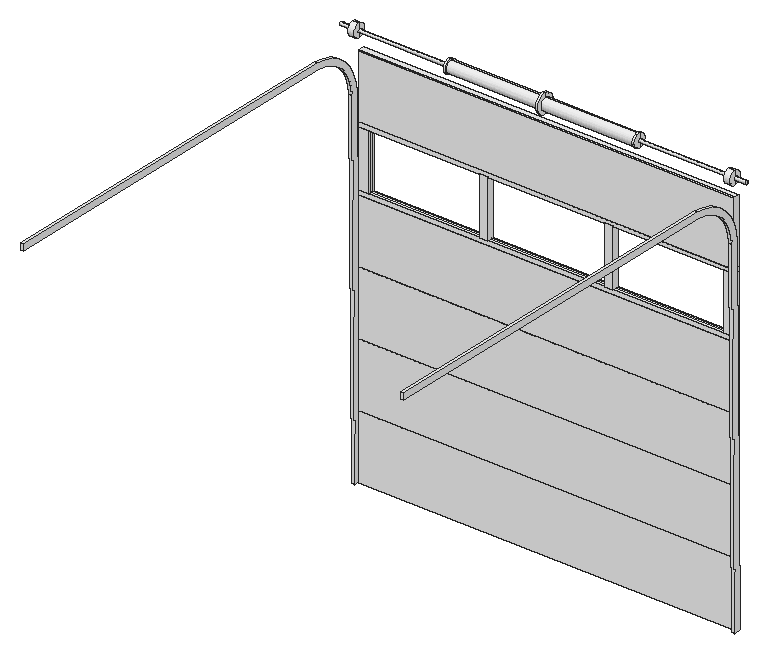
Revit family "Door-Sectional_DesignersChoice_Amarr", category Doors, host Wall, Revit 2026
Family settings
  Host = Wall
  Classification Number = 23.30.10.17.37.14
  Always vertical = Yes
  Cut with Voids When Loaded = No
  Shared = No
  Room Calculation Point = No
Parameters (values of type "ByType")
  Type Comments = "***Use image file as decal to display appropriate appearance"
  Track Type [instance] = Track-Horizontal : ByType
  Track Width = 10' - 3 9/16"
  Section Heights XX = 2' - 0"  # constant formula
  Number of Sections = (Height + 0' 9") / Section Heights - 2  # 4
  Has Operator = yes
  Panel Width = 10' - 2"
  Section Heights = if([24" Section Heights], Section Heights XX, 1' 9")  # 1' - 9"
  Function = Interior
  Door Track Material = Finishes - Exterior - White
  Door Open = yes
  Door Gap From Wall Interior = 0' - 0.35"
  URL = "https://www.amarr.com/"
  Thickness = 0' - 2"
  Specification = "https://www.arcat.com/company/amarr-garage-doors-30357/spec"
  Operator Material = Finishes - Exterior - White
  Rough Width = 0' - 0"  # constant formula
  Rough Height = 0' - 0"  # constant formula
  Product Data = "http://www.arcat.com/arcatcos/cos30/arc30357.html"
  Green Building-LEED = "https://www.arcat.com/company/amarr-garage-doors-30357/leed"
  Model = "As Specified in 08 36 00"
  Manufacturer = "Amarr Garage Doors"  # constant formula
  Keynote = "08 36 00"
  Height = 10' - 0"
  Wall Closure = By host
  Width = 10' - 0"
  Fire Rating = "As Specified in 08 36 00"
  Door Cladding Material = Finishes - Exterior - White
  Description = "Door Sectional Designers Choice"
  Cost = 0
  Copyright = "© 2021 ARCAT, Inc."  # constant formula
  Construction Details = "https://www.arcat.com/company/amarr-garage-doors-30357/cad"
  Assembly Code = "B2030410"
  24" Section Heights = not([21" Section Heights])  # no
  21" Section Heights = yes
Reference planes (in)
  plane 1 "Center (Front/Back)": y = -33.7392
  plane 2 "Center (Left/Right)": x = 66
  plane 3: z = 0
  plane 4 "Top": z = 120
  plane 5 "Door Face": y = -36.0892
  plane 6 "Right": x = 126
  plane 7 "Left": x = 6
  plane 8 "Operator from Level": z = 132.5
  plane 9 "Operator Centerline": y = -39.11263
  plane 10: x = 129
  plane 11: x = 3
  plane 12 "Closure": y = -35.7392
  plane 13: z = 0
  plane 14: y = -36.0892
  plane 15: y = -36.0892
  plane 16 "123": z = 84
  plane 17: z = 96
  plane 18: z = 105
  plane 19: y = -174.0892
  plane 20: y = -54.0892
Lines and regions (in)
  Opening 1
    outline origin (-109.33485, -35.7392, 0) x (1, 0, 0) y (0, 0, 1)
      loop
        line (115.33485, 0) -> (235.33485, 0) -> (235.33485, 120) -> (115.33485, 120) -> (115.33485, 0)
  Masking region 1
    outline origin (177.78657, 12, 84) x (1, 0, 0) y (0, 1, 0)
      loop
        line (-48.78657, -48.0892) -> (-174.78657, -48.0892) -> (-174.78657, -50.0892) -> (-48.78657, -50.0892) -> (-48.78657, -48.0892)
  symbolic lines, style "DoorsHiddenLines"
    curve 1: line (3, -174.0892, 84) -> (3, -36.0892, 84)
    curve 2: line (129, -174.0892, 84) -> (129, -36.0892, 84)
    curve 3: line (129, -174.0892, 84) -> (3, -174.0892, 84)
    curve 4: line (129, -36.0892, 84) -> (3, -36.0892, 84)
Text (in)
  text "Exterior" at (50.54558, 27.31104, 0), in view "A101 - Plan View"
  text "Interior" at (50.54558, -25.14366, 0), in view "A101 - Plan View"
  text "Exterior" at (0, 40.15149, 123.01588), in view "Right"
  text "Interior" at (0, -64.39139, 123.01588), in view "Right"
  text "Interior" at (0, -70.84617, 120.17156), in view "Left"
  text "Exterior" at (0, 4.88546, 120.17156), in view "Left"
Dimensions and locks (in)
  "Height": plane 4 "Top" to level
  "Door Gap From Wall Interior": plane 5 "Door Face" to host wall
  equal spacing: plane 6 "Right", plane 2 "Center (Left/Right)", plane 7 "Left"
  "Width": plane 7 "Left" to plane 6 "Right"
  locked: plane 8 "Operator from Level" to plane 4 "Top" at 12.5
  locked: plane 5 "Door Face" to plane 9 "Operator Centerline" at 3.02344
  locked: plane 11 to plane 7 "Left" at 3
  locked: plane 6 "Right" to plane 10 at 3
  locked: level to plane 16 "123" at 84
  locked: level to plane 17 at 96
  plane 16 "123" to plane 4 "Top" = 3' - 0"
  "Section Heights": plane 18 to plane 16 "123"
  equal spacing: group 1, group 2, group 3, group 4  (x3)
  "Section Heights": nested 6 to level
  locked: plane 9 "Operator Centerline" to plane 20 at 14.97656
  "Height": plane 20 to plane 19
  "Thickness": Masking region 1 sketch curve to plane 15
  aligned and locked: Opening 1 sketch curve to level
  aligned and locked: plane 4 "Top" to Opening 1 sketch curve
  aligned and locked: Opening 1 sketch curve to plane 6 "Right"
  aligned and locked: host wall to plane 1 "Center (Front/Back)"
  aligned and locked: host wall to plane 12 "Closure"
  aligned and locked: plane 2 "Center (Left/Right)" to nested 1
  aligned and locked: plane 5 "Door Face" to plane 14
  aligned and locked: plane 5 "Door Face" to nested 2
  aligned and locked: plane 5 "Door Face" to plane 15
  aligned and locked: plane 5 "Door Face" to nested 1
  aligned and locked: plane 2 "Center (Left/Right)" to nested 3
  aligned and locked: nested 3 to plane 9 "Operator Centerline"
  aligned and locked: plane 2 "Center (Left/Right)" to nested 2  (x2)
  aligned and locked: plane 2 "Center (Left/Right)" to nested 4
  aligned and locked: plane 5 "Door Face" to nested 5
  aligned and locked: plane 18 to nested 4
  aligned and locked: plane 5 "Door Face" to nested 6
  aligned and locked: plane 5 "Door Face" to nested 4
  aligned and locked: curve 1 to plane 11
  aligned and locked: curve 2 to plane 10
  aligned and locked: curve 3 to plane 19
  aligned and locked: curve 4 to plane 15
  aligned and locked: Masking region 1 sketch curve to plane 15
  aligned and locked: Masking region 1 sketch curve to plane 11
  aligned and locked: Masking region 1 sketch curve to plane 10
Automatic sketch dimensions
  Opening 1 sketch curve to plane 7 "Left" = 0' - 0"
Nested families (in)
  nested 1: "Common Section (Non-Graphic)" at (54, -36.0892, 0), visible <- "Door Open", type "Edinburgh"
    with Width 10' - 2"
  nested 2: "Track-Horizontal" at (54, -36.0892, 0), type <- "Track Type", type "ByType"
    with Right Track Offset from Center 5' - 1 25/32", Left Track Offset from Center -5' - 1 25/32", Tracks Center to Center Width 10' - 3 9/16"
  nested 3: "Torsion Assy" at (71.68308, -39.11263, 132.5), visible <- "Has Operator", Width <- "Width", type "10,000 Cycles"
    with Width 10' - 0", Reel to Reel Width 10' - 2"
  nested 4: "Common Section (Non-Graphic)" at (54, -36.0892, 105), visible <- "Door Open", type "Edinburgh"
    with Width 10' - 2"
  nested 5: "Top Section - Glazed (Non-Graphic)" at (54, -36.0892, 84), visible <- "Door Open", type "Arabesque Window Style (Non Graphic)"
    with Width 10' - 2", Middle Stile Viz no, 3 Vertical Sections Viz yes
  nested 6: "Common Section (Non-Graphic)" at (54, -36.0892, 21), visible <- "Door Open", type "Edinburgh"
    with Width 10' - 2"
  nested 7: "Common Section (Non-Graphic)" at (54, -36.0892, 42), visible <- "Door Open", type "Edinburgh"
    with Width 10' - 2"
  nested 8: "Common Section (Non-Graphic)" at (54, -36.0892, 63), visible <- "Door Open", type "Edinburgh"
    with Width 10' - 2"
Definition of nested family "Common Section (Non-Graphic)"
  Parameters (values of type "Panel as Specified in 08 63 00")
    Width = 9' - 2"
    Material = none
    Height = 1' - 9"
    Default Elevation = 4' - 0"
    Assembly Code = ""
    Thickness = 0' - 2"
    Analytic Construction = "<None>"
  Types (8): name
    Edinburgh
    Bordeaux
    Northhampton
    Valencia
    Santiago
    Tuscany
    Lucerne
    Panel as Specified in 08 63 00
  Reference planes (in)
    plane 1 "Front": y = 0
    plane 2: z = 0
    plane 3 "Center (Left/Right)": x = 12
    plane 4: x = 67
    plane 5: z = 21
    plane 6: x = -43
    plane 7 "Back": y = -2
  Forms (in)
    Extrusion 1, solid, material <- "Material"
      sketch origin (12, 0, 0) x (0, 1, 0) y (0, 0, 1)
        loop
          line (-2, 0) -> (0, 0) -> (0, 20.9375) -> (-0.0625, 21) -> (-1.9375, 21) -> (-2, 20.9375) -> (-2, 0)
      from -55 to 55
  Dimensions and locks (in)
    "Height": plane 5 to level
    equal spacing: plane 6, plane 3 "Center (Left/Right)", plane 4
    "Width": plane 6 to plane 4
    "Thickness": plane 7 "Back" to plane 1 "Front"
    aligned and locked: Extrusion 1 to plane 4
    aligned and locked: plane 6 to Extrusion 1
    aligned and locked: Extrusion 1 to level
    aligned and locked: plane 5 to Extrusion 1
    aligned and locked: Extrusion 1 to plane 5  (x2)
  Automatic sketch dimensions
    Extrusion 1 sketch curve to plane 1 "Front" = 0' - 0"
    Extrusion 1 sketch curve to level = 0' - 0"
    Extrusion 1 sketch curve to Extrusion 1 sketch curve = 0' - 0 1/16"
    plane 1 "Front" to Extrusion 1 sketch curve = 0' - 0 1/16"
    Extrusion 1 sketch curve to plane 5 = 0' - 0 1/16"  (x2)
    Extrusion 1 sketch curve to plane 5 = 0' - 0"
    Extrusion 1 sketch curve to plane 7 "Back" = 0' - 0 1/16"
Definition of nested family "Track-Horizontal"
  Parameters
    Track Thickness = 0' - 2"
    Right Track Offset from Center = Tracks Center to Center Width * 0.5  # 5' - 2 25/32"
    Left Track Offset from Center = Tracks Center to Center Width * -0.5  # -5' - 2 25/32"
    Track Material = none
    Track Height = Door Height + 0' 9 1/4"  # 10' - 9 1/4"
    Tracks Center to Center Width = 10' - 5 9/16"
    Horizontal Track Length = Door Height + 1' 6"  # 11' - 6"
    Door Height = 10' - 0"
    Assembly Code = ""
  Reference planes (in)
    plane 1 "Front": y = 0
    plane 2: z = 0
    plane 3 "Center (Left/Right)": x = 12
    plane 4: x = -49.78
    plane 5: x = 73.78
    plane 6: x = -49.78
  Forms (in)
    Sweep 1, solid, material <- "Track Material"
      path in 3D
        loop
          line (12, -138, 129.25) -> (12, -18.20346, 129.25)
          arc (12, -18.20346, 129.25) -> (12, -7.30999, 124.77644) -> (12, -2.7046, 113.93804) r 15.5
          line (12, -2.7046, 113.93804) -> (12, -1.35044, 0.0734)
      profile "Profile-Track : Profile-Track" origin (12, -78.10173, 129.25) x (0, 0, 1) y (1, 0, 0)
        loop
          line (-2, 62.28125) -> (0, 62.28125) -> (0, 63.28125) -> (-2, 63.28125) -> (-2, 62.28125)
    Sweep 2, solid, material <- "Track Material"
      path in 3D
        loop
          line (12, -138, 129.25) -> (12, -18.20346, 129.25)
          arc (12, -18.20346, 129.25) -> (12, -7.30999, 124.77644) -> (12, -2.7046, 113.93804) r 15.5
          line (12, -2.7046, 113.93804) -> (12, -1.35044, 0.0734)
      profile "Profile-Track : Profile-Track" origin (12, -78.10173, 129.25) x (0, 0, 1) y (1, 0, 0)
        loop
          line (-2, -63.28125) -> (0, -63.28125) -> (0, -62.28125) -> (-2, -62.28125) -> (-2, -63.28125)
  Lines and regions (in)
    reference lines
      curve 1: line (12, -1.35044, 0.0734) -> (12, -2.7046, 113.93804)
      curve 2: line (12, -138, 129.25) -> (12, -18.20346, 129.25)
      curve 3: arc (12, -18.20346, 129.25) -> (12, -7.30999, 124.77644) -> (12, -2.7046, 113.93804) r 15.5
    sketch lines
      curve 4: line (12, -138, 129.25) -> (12, -18.20346, 129.25)
      curve 5: arc (12, -18.20346, 129.25) -> (12, -7.30999, 124.77644) -> (12, -2.7046, 113.93804) r 15.5
      curve 6: line (12, -1.35044, 0.0734) -> (12, -2.7046, 113.93804)
      curve 7: line (12, -138, 129.25) -> (12, -18.20346, 129.25)
      curve 8: arc (12, -18.20346, 129.25) -> (12, -7.30999, 124.77644) -> (12, -2.7046, 113.93804) r 15.5
      curve 9: line (12, -1.35044, 0.0734) -> (12, -2.7046, 113.93804)
    symbolic lines
      curve 10: line (11.75, 0, 0) -> (12.25, 0, 0)
  Dimensions and locks (in)
    "Track Height": curve 2 to level
    plane 5 to curve 3 = 5' - 1.78"
    "Horizontal Track Length": plane 1 "Front" to curve 2
  Automatic sketch dimensions
    level to curve 1 = 0' - 0.0734"
    curve 3 to curve 2 = 1' - 3 1/2"
    plane 1 "Front" to curve 3 = 1' - 6.20346"
    plane 1 "Front" to curve 1 = 0' - 2.7046"
    plane 1 "Front" to curve 1 = 0' - 1.35044"
    curve 10 to plane 1 "Front" = 0' - 0"
    curve 10 to plane 3 "Center (Left/Right)" = 0' - 0 1/4"
    plane 3 "Center (Left/Right)" to curve 10 = 0' - 0 1/4"
Definition of nested family "Torsion Assy"
  Parameters
    Reel to Reel Width [instance] = Width + 0' 2"  # 10' - 4"
    Width [instance] = 10' - 2"
    Material = none
    Default Elevation = 0' - 0"
    Assembly Code = ""
  Reference planes (in)
    plane 1 "Center (Front/Back)": y = 0
    plane 2: z = 0
    plane 3 "Center (Left/Right)": x = -5.68308
    plane 4: x = -67.68308
    plane 5: x = 56.31692
  Forms (in)
    Revolve 1, solid, material <- "Material"
      sketch origin (0.00391, 0, -132.5) x (0, 0, -1) y (-1, 0, 0)
        loop
          line (-132.5, 72.68698) -> (-133, 72.68698) -> (-133, 68.74298) -> (-134.578, 68.74298) -> (-134.578, 66.80548) -> (-133, 66.80548) -> (-133, 36.68156) -> (-134.62517, 36.68156) -> (-134.62517, 36.05747) -> (-134.40625, 36.05747) -> (-134.40625, 6.08698) -> (-135.50017, 6.08698) -> (-135.50017, 5.28698) -> (-134.40625, 5.28698) -> (-134.40625, -24.6835) -> (-134.62517, -24.6835) -> (-134.62517, -25.30759) -> (-133, -25.30759) -> (-133, -55.43152) -> (-134.578, -55.43152) -> (-134.578, -57.36902) -> (-133, -57.36902) -> (-133, -61.31302) -> (-132.5, -61.31302) -> (-132.5, 72.68698)
        axis (-132.5, 72.68698) -> (-132.5, -61.31302)
      angle from 0 to 360
  Dimensions and locks (in)
    equal spacing: plane 4, plane 3 "Center (Left/Right)", plane 5
    "Reel to Reel Width": plane 4 to plane 5
    Revolve 1 sketch curve to plane 4 to Revolve 1 sketch curve = 0' - 1.056" locked, 0' - 0.8815" locked
    locked: Revolve 1 sketch curve to plane 4 at 5
    locked: plane 3 "Center (Left/Right)" to Revolve 1 sketch curve at 30.99458  (x2)
    locked: plane 5 to Revolve 1 sketch curve at 5
    Revolve 1 sketch curve to plane 5 to Revolve 1 sketch curve = 0' - 1.056" locked, 0' - 0.8815" locked
    aligned and locked: plane 1 "Center (Front/Back)" to Revolve 1
  Automatic sketch dimensions
    Revolve 1 sketch curve to level = 0' - 0"  (x2)
    level to Revolve 1 sketch curve = 0' - 0 1/2"  (x3)
    Revolve 1 sketch curve to Revolve 1 sketch curve = 0' - 0 1/2"
    Revolve 1 sketch curve to Revolve 1 sketch curve = 0' - 1 13/32"  (x2)
    Revolve 1 sketch curve to Revolve 1 sketch curve = 0' - 1.578"  (x2)
    Revolve 1 sketch curve to Revolve 1 sketch curve = 0' - 0.21892"  (x2)
    Revolve 1 sketch curve to plane 3 "Center (Left/Right)" = 0' - 0.4"
    Revolve 1 sketch curve to Revolve 1 sketch curve = 0' - 1.09392"
    Revolve 1 sketch curve to Revolve 1 sketch curve = 5' - 7.08868"
    Revolve 1 sketch curve to Revolve 1 sketch curve = 0' - 7.24948"
    Revolve 1 sketch curve to Revolve 1 sketch curve = 0' - 0.62409"  (x2)
    plane 3 "Center (Left/Right)" to Revolve 1 sketch curve = 0' - 0.4"
Definition of nested family "Top Section - Glazed (Non-Graphic)"
  Parameters (values of type "Trellis Decraglass Window Style (Non Graphic)")
    Width = 9' - 2"
    Top Rail = 0' - 1 1/4"
    Negitive Half Inset Panel Thickness = Inset Panel Thickness * -0.5  # -0' - 0 1/4"
    Middle Stile Width = 0' - 2 1/2"
    Stile Material = none
    Middle Stile Viz = or(not([3 Vertical Sections Viz]), [4 Vertical Sections])  # yes
    Inset Panel Material = none
    Height = 1' - 9"
    Half Inset Panel Thickness = Inset Panel Thickness * 0.5  # 0' - 0 1/4"
    Bottom Rail = 0' - 1 1/4"
    Assembly Code = ""
    Analytic Construction = "<None>"
    4 Vertical Sections = Width > 13' 2"  # no
    3 Vertical Sections Viz = and(Width > 9' 2", not([4 Vertical Sections]))  # no
    Stile Thickness = 0' - 2"
    Inset Panel Thickness = 0' - 0 1/2"
    End Stiles = 0' - 3 3/8"
  Types (10): name
    Trellis Decraglass Window Style (Non Graphic)
    Arabesque Window Style (Non Graphic)
    Rosette Decraglass Window Style (Non Graphic)
    Nile Window Style (Non Graphic)
    Madiera Window Style (Non Graphic)
    Rhine Window Style (Non Graphic)
    Danube Window Style (Non Graphic)
    Thames Decratrim Window Style (Non Graphic)
    Seine Window Style (Non Graphic)
    Window as Specified in 08 63 00
  Reference planes (in)
    plane 1 "Front": y = 0
    plane 2: z = 0
    plane 3 "Center (Left/Right)": x = 12
    plane 4 "Glass Face": y = -1
    plane 5: x = 67
    plane 6: z = 21
    plane 7: z = 19.75
    plane 8: z = 1.25
    plane 9: x = 63.625
    plane 10: x = -39.625
    plane 11: x = -43
    plane 12: x = -15.5
    plane 13: x = 39.5
    plane 14 "Back": y = -2
  Forms (in)
    Extrusion 1, solid, material <- "Inset Panel Material"
      sketch origin (0, -1, 0) x (1, 0, 0) y (0, 0, 1)
        loop
          line (-39.625, 19.75) -> (-39.625, 1.25) -> (63.625, 1.25) -> (63.625, 19.75) -> (-39.625, 19.75)
      from -0.25 <- "Negitive Half Inset Panel Thickness" to 0.25 <- "Half Inset Panel Thickness"
    Sweep 2, solid, material <- "Stile Material", visible <- "3 Vertical Sections Viz"
      path in 3D
        loop
          line (30.33333, 0, 1.25) -> (30.33333, 0, 19.75)
      profile "Profile - Stile : Center stile" origin (30.33333, 0, 10.5) x (-1, 0, 0) y (0, -1, 0)
        loop
          line (-1.25, 2) -> (-1.25, 0) -> (1.25, 0) -> (1.25, 2) -> (-1.25, 2)
    Sweep 3, solid, material <- "Stile Material", visible <- "3 Vertical Sections Viz"
      path in 3D
        loop
          line (-6.33333, 0, 1.25) -> (-6.33333, 0, 19.75)
      profile "Profile - Stile : Center stile" origin (-6.33333, 0, 10.5) x (-1, 0, 0) y (0, -1, 0)
        loop
          line (-1.25, 2) -> (-1.25, 0) -> (1.25, 0) -> (1.25, 2) -> (-1.25, 2)
    Sweep 4, solid, material <- "Stile Material", visible <- "Middle Stile Viz"
      path in 3D
        loop
          line (12, 0, 1.25) -> (12, 0, 19.75)
      profile "Profile - Stile : Center stile" origin (12, 0, 10.5) x (-1, 0, 0) y (0, -1, 0)
        loop
          line (-1.25, 2) -> (-1.25, 0) -> (1.25, 0) -> (1.25, 2) -> (-1.25, 2)
    Extrusion 5, solid, material <- "Stile Material"
      sketch origin (-60, 0, 0) x (1, 0, 0) y (0, 0, 1)
        loop
          line (127, 19.75) -> (127, 21) -> (17, 21) -> (17, 19.75) -> (127, 19.75)
        loop
          line (17, 1.25) -> (17, 0) -> (127, 0) -> (127, 1.25) -> (17, 1.25)
      from 0 to 2 <- "Stile Thickness"
    Extrusion 6, solid, material <- "Stile Material"
      sketch origin (-60, 0, 0) x (1, 0, 0) y (0, 0, 1)
        loop
          line (127, 19.75) -> (123.625, 19.75) -> (123.625, 1.25) -> (127, 1.25) -> (127, 19.75)
        loop
          line (17, 1.25) -> (20.32852, 1.25) -> (20.32852, 19.75) -> (17, 19.75) -> (17, 1.25)
      from 0 to 2 <- "Stile Thickness"
    Sweep 7, solid, material <- "Stile Material", visible <- "4 Vertical Sections"
      path in 3D
        loop
          line (-15.5, 0, 1.25) -> (-15.5, 0, 19.75)
      profile "Profile - Stile : Center stile" origin (-15.5, 0, 10.5) x (-1, 0, 0) y (0, -1, 0)
        loop
          line (-1.25, 2) -> (-1.25, 0) -> (1.25, 0) -> (1.25, 2) -> (-1.25, 2)
    Sweep 8, solid, material <- "Stile Material", visible <- "4 Vertical Sections"
      path in 3D
        loop
          line (39.5, 0, 1.25) -> (39.5, 0, 19.75)
      profile "Profile - Stile : Center stile" origin (39.5, 0, 10.5) x (-1, 0, 0) y (0, -1, 0)
        loop
          line (-1.25, 2) -> (-1.25, 0) -> (1.25, 0) -> (1.25, 2) -> (-1.25, 2)
  Lines and regions (in)
    reference lines
      curve 1: line (30.33333, 0, 1.25) -> (30.33333, 0, 19.75)
      curve 2: line (12, 0, 1.25) -> (12, 0, 19.75)
      curve 3: line (-6.33333, 0, 1.25) -> (-6.33333, 0, 19.75)
      curve 7: line (-15.5, 0, 1.25) -> (-15.5, 0, 19.75)
      curve 9: line (39.5, 0, 1.25) -> (39.5, 0, 19.75)
    sketch lines
      curve 4: line (30.33333, 0, 1.25) -> (30.33333, 0, 19.75)
      curve 5: line (-6.33333, 0, 1.25) -> (-6.33333, 0, 19.75)
      curve 6: line (12, 0, 1.25) -> (12, 0, 19.75)
      curve 8: line (-15.5, 0, 1.25) -> (-15.5, 0, 19.75)
      curve 10: line (39.5, 0, 1.25) -> (39.5, 0, 19.75)
  Dimensions and locks (in)
    "End Stiles": plane 9 to plane 5
    "Top Rail": plane 6 to plane 7
    "Bottom Rail": plane 8 to level
    "Height": plane 6 to level
    equal spacing: plane 5, curve 1, curve 3, plane 11
    equal spacing: plane 11, plane 12, plane 3 "Center (Left/Right)", plane 13, plane 5
    "Width": plane 11 to plane 5
    "End Stiles": plane 11 to plane 10
    "Stile Thickness": plane 14 "Back" to plane 1 "Front"
    equal spacing: plane 14 "Back", plane 4 "Glass Face", plane 1 "Front"
    aligned and locked: plane 12 to curve 7
    aligned and locked: plane 13 to curve 9
  Automatic sketch dimensions
    Extrusion 1 sketch curve to plane 8 = 0' - 0"
    Extrusion 1 sketch curve to plane 10 = 0' - 0"
    Extrusion 1 sketch curve to plane 9 = 0' - 0"
    Extrusion 1 sketch curve to plane 7 = 0' - 0"
    Extrusion 5 sketch curve to plane 6 = 0' - 0"
    Extrusion 5 sketch curve to plane 11 = 0' - 0"  (x2)
    Extrusion 5 sketch curve to plane 5 = 0' - 0"  (x2)
    Extrusion 5 sketch curve to level = 0' - 0"
    Extrusion 6 sketch curve to plane 9 = 0' - 0"
    plane 10 to Extrusion 6 sketch curve = 0' - 0.04648"
    Extrusion 6 sketch curve to plane 7 = 0' - 0"  (x2)
    Extrusion 6 sketch curve to plane 11 = 0' - 0"
    Extrusion 6 sketch curve to plane 8 = 0' - 0"  (x2)
    Extrusion 6 sketch curve to plane 5 = 0' - 0"
    Extrusion 5 sketch curve to plane 8 = 0' - 0"
    Extrusion 5 sketch curve to plane 7 = 0' - 0"
    curve 7 to plane 7 = 0' - 0"
    curve 7 to plane 8 = 0' - 0"
    curve 2 to plane 3 "Center (Left/Right)" = 0' - 0"
    curve 9 to plane 7 = 0' - 0"
    curve 9 to plane 8 = 0' - 0"
    curve 1 to plane 8 = 0' - 0"
    curve 2 to plane 8 = 0' - 0"
    curve 3 to plane 8 = 0' - 0"
    curve 1 to plane 7 = 0' - 0"
    curve 3 to plane 7 = 0' - 0"
    curve 2 to plane 7 = 0' - 0"
